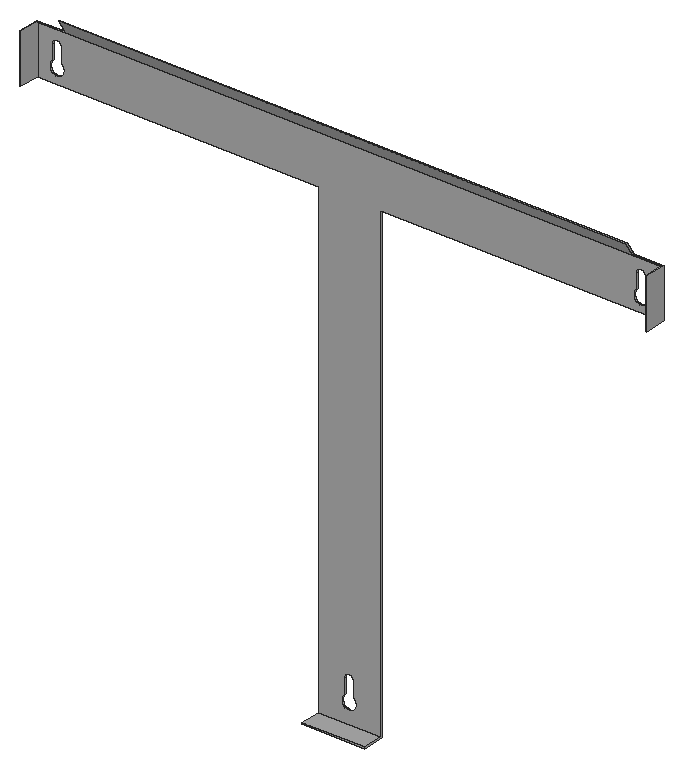
Revit family "Beugel_444", category Mechanical Equipment, Revit 2018
Family settings
  Round Connector Dimension = Use Radius
  Part Type = Normal
  OmniClass Number = 23.75.10.14.14.11
  OmniClass Title = Storage Heaters
  Work Plane-Based = No
  Always vertical = Yes
  Cut with Voids When Loaded = No
  Shared = No
  Room Calculation Point = No
Parameters
  Zwart = Zwart
  Colour = Wit
  Scherm = Screen
  Metaal = Metaal
  Licht grijs = Licht grijs
  Diepte = 71 mm
  Hoogte = 440 mm
  Breedte = 750 mm
Reference planes
  plane 1 "Center (Front/Back)": y = 0
  plane 2: z = 0
  plane 3 "Center (Left/Right)": x = 0
  plane 4: z = 440
  plane 5: z = 402
  plane 6: z = 412
  plane 7: x = -222
  plane 8: x = 222
  plane 9: z = 32
  plane 10: x = -201
  plane 11: x = 201
  plane 12: z = 367
  plane 13: x = -22
  plane 14: x = 22
  plane 15: y = -15
Forms (mm)
  Extrusion 1, solid, material "Metaal" <- "Metaal"
    sketch origin (0, 0, 0) x (1, 0, 0) y (0, 0, 1)
      loop
        line (-201, 412) -> (-201, 402) -> (-222, 402) -> (-222, 367) -> (-22, 367) -> (-22, 32) -> (22, 32) -> (22, 367) -> (222, 367) -> (222, 402) -> (201, 402) -> (201, 412) -> (-201, 412)
      loop
        arc (-3, 51) -> (0, 42) -> (3, 51) r 5
        line (3, 51) -> (3, 62)
        arc (3, 62) -> (0, 65) -> (-3, 62) r 3
        line (-3, 62) -> (-3, 51)
      loop
        arc (-210, 381) -> (-207, 372) -> (-204, 381) r 5
        line (-204, 381) -> (-204, 392)
        arc (-204, 392) -> (-207, 395) -> (-210, 392) r 3
        line (-210, 392) -> (-210, 381)
      loop
        arc (204, 381) -> (207, 372) -> (210, 381) r 5
        line (210, 381) -> (210, 392)
        arc (210, 392) -> (207, 395) -> (204, 392) r 3
        line (204, 392) -> (204, 381)
    from 0 to 15
  Extrusion 2, void
    sketch origin (0, -50.5, 0) x (0, 1, 0) y (0, 0, 1)
      loop
        line (50.5, 412) -> (44.5, 412) -> (50.5, 402) -> (50.5, 412)
    from -201 to 201
  Extrusion 3, void
    sketch origin (0, -50.5, 0) x (0, 1, 0) y (0, 0, 1)
      loop
        line (35.5, 412) -> (35.5, 32.8) -> (49.7, 32.8) -> (49.7, 401.778) -> (43.567, 412) -> (35.5, 412)
    from -221.2 to 221.2
Cuts and joins
  Extrusion 2, Extrusion 3 cuts Extrusion 1
Dimensions and locks
  "Hoogte": plane 4 to level
  aligned and locked: level to plane 2
Automatic sketch dimensions
  Extrusion 1 sketch curve to plane 7 = 0 mm
  Extrusion 1 sketch curve to plane 6 = 0 mm
  Extrusion 1 sketch curve to plane 10 = 0 mm
  Extrusion 1 sketch curve to plane 9 = 0 mm
  Extrusion 1 sketch curve to plane 13 = 0 mm
  Extrusion 1 sketch curve to plane 3 "Center (Left/Right)" = 0 mm  (x2)
  Extrusion 1 sketch curve to plane 14 = 0 mm
  Extrusion 1 sketch curve to plane 11 = 0 mm
  Extrusion 1 sketch curve to plane 8 = 0 mm
  Extrusion 1 sketch curve to plane 12 = 0 mm  (x2)
  Extrusion 1 sketch curve to plane 5 = 0 mm  (x2)
  Extrusion 1 sketch curve to plane 10 = 9 mm
  Extrusion 1 sketch curve to Extrusion 1 sketch curve = 3 mm  (x3)
  Extrusion 1 sketch curve to plane 3 "Center (Left/Right)" = 3 mm
  Extrusion 1 sketch curve to plane 8 = 18 mm
  Extrusion 1 sketch curve to plane 8 = 15 mm
  plane 9 to Extrusion 1 sketch curve = 15 mm
  Extrusion 1 sketch curve to Extrusion 1 sketch curve = 4 mm  (x3)
  Extrusion 1 sketch curve to Extrusion 1 sketch curve = 11 mm
  plane 12 to Extrusion 1 sketch curve = 10 mm  (x2)
  Extrusion 1 sketch curve to plane 5 = 10 mm  (x2)
  Extrusion 2 sketch curve to plane 5 = 0 mm
  Extrusion 2 sketch curve to plane 6 = 0 mm
  Extrusion 2 sketch curve to Extrusion 2 sketch curve = 6 mm
  Extrusion 3 sketch curve to plane 5 = 0.222 mm
  plane 9 to Extrusion 3 sketch curve = 0.8 mm
  Extrusion 3 sketch curve to plane 6 = 0 mm
  plane 1 "Center (Front/Back)" to Extrusion 2 sketch curve = 6 mm
  plane 1 "Center (Front/Back)" to Extrusion 3 sketch curve = 15 mm
  Extrusion 3 sketch curve to Extrusion 3 sketch curve = 8.067 mm
  Extrusion 3 sketch curve to Extrusion 3 sketch curve = 6.133 mm
